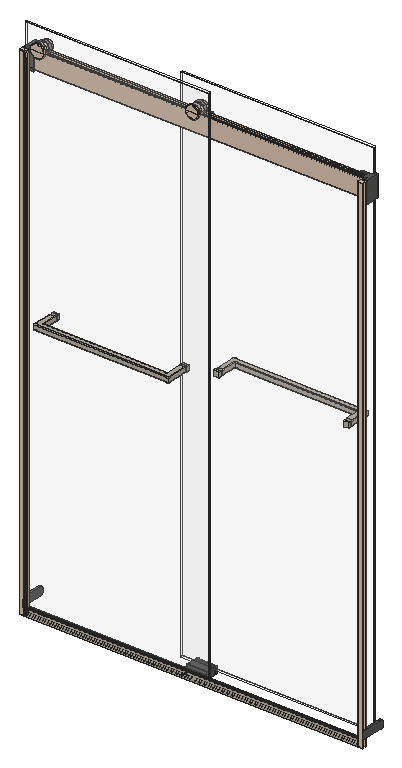
Revit family "Shower-Shower_Door-KOHLER-Levity-K-706016.rfa_", category Specialty Equipment, host Face, Revit 2021
Family settings
  Host = Face
  Round Connector Dimension = Use Diameter
  Part Type = Normal
  OmniClass Number = 23.31.17.17
  OmniClass Title = Shower Enclosures
  Cut with Voids When Loaded = No
  Shared = No
  Room Calculation Point = No
Parameters (values of type "ABV-Anodized Brushed Bronze")
  Width [instance] = Walk Thru + 26.53543"  # 47.59793"
  WaterSense Certified = 1 = 0  # no
  Walk Thru [instance] = 21 1/16"
  URL = "https://www.us.kohler.com/us/"
  Type = 1
  Towel Bar Finish = Kohler-Metal-BV-Brushed_Bronze
  Secondary Finish = Kohler-Plastic-BV-Brushed_Bronze
  Product Page URL = "http://www.us.kohler.com/us/catalog/productDetails.jsp?productNumber=706016-L"
  Product Name = "Levity"  # constant formula
  Product Documentation Link = "https://www.us.kohler.com/webassets/kpna/catalog/pdf/en/K-706016-L_spec_US-CA_Kohler_en.pdf"
  Model = if(Type = 1, "K-706016-L-ABV", if(Type = 2, "K-706016-L-NX", if(Type = 3, "K-706016-L-SHP", if(Type = 4, "K-706016-L-SH", "NA"))))  # "K-706016-L-ABV"
  Material = "Premium Metal Construction"  # constant formula
  Master Format 2014 Name = "Shower Doors"  # constant formula
  Master Format 2014 = "10 28 19.16"  # constant formula
  Manufacturer Address = "444 Highland Dr, Kohler, WI 53044"  # constant formula
  Manufacturer = "Kohler Co."  # constant formula
  Length = 7.74803"  # constant formula
  Height = 73.58268"  # constant formula
  Hardware Included = 1 = 1  # yes
  Finish = Kohler-Metal-ABV-Anodized_Brushed_Bronze
  Environmental Product Declaration = ""
  Description = "Sliding Shower Door, 74 Inch H x 44-5/8 - 47-5/8 Inch W, With 3/8 Inch Thick Crystal Clear Glass And Square Towel Bar"  # constant formula
  Default Elevation = 4"
  Declare Label = ""
  Date Modified = "07/13/2023"  # constant formula
  Date Created = "07/13/2023"  # constant formula
  Copyright = "Copyright Kohler Co."  # constant formula
  Contact Us = "https://www.us.kohler.com/us/static/contact.jsp"
  Assembly Code = "C1030200"
  ADA Compliant = 1 = 0  # no
Reference planes (in)
  plane 1 "Center (Front/Back)": y = -0.09259
  plane 2: z = 0
  plane 3 "Center (Left/Right)": x = 0
  plane 4: x = 21.0625
  plane 5: x = 21.79648
  plane 6: x = -25.80145
  plane 7: z = 70.77724
  plane 8: z = 70.11811
  plane 9: z = 73.58268
  plane 10: x = 19.47863
  plane 11: x = 17.72863
  plane 12: x = 18.10363
  plane 13: x = 21.47284
  plane 14: y = 2.55176
  plane 15: y = 4.6845
  plane 16: y = -3.06354
  plane 17: x = -2.00001
  plane 18: x = -0.27137
  plane 19: x = -0.64637
  plane 20: x = -2.02137
  plane 21: x = -23.50005
  plane 22: x = -25.33663
  plane 23: x = -21.75
  plane 24: x = -22.125
  plane 25: x = -3.375
  plane 26: z = 68.64299
  plane 27: z = 67.55906
  plane 28: z = 38.34646
  plane 29: z = 37.97244
  plane 30: z = 37.59843
  plane 31: y = 0.09791
  plane 32: y = -0.28309
  plane 33: x = -5.43896
  plane 34: z = 1.04196
  plane 35: y = 1.90776
  plane 36: y = 1.52676
Dimensions and locks (in)
  "Walk Thru": plane 4 to plane 3 "Center (Left/Right)"
  "Width": plane 6 to plane 5
  locked: plane 5 to plane 4 at 0.73398
  locked: plane 10 to plane 5 at 2.31785
  locked: plane 12 to plane 5 at 3.69285
  locked: plane 13 to plane 5 at 0.32364
  locked: plane 19 to plane 12 at 18.75
  locked: plane 18 to plane 11 at 18
  locked: plane 11 to plane 12 at 0.375
  locked: plane 20 to plane 19 at 1.375
  locked: plane 30 to level at 37.59843
  plane 28 to plane 30 = 0.74803"
  "Height": plane 9 to level
  plane 8 to plane 27 to level = 2.55906", 67.55906"
  "Length": plane 16 to plane 15
  locked: plane 33 to plane 13 at 26.9118
  plane 31 to plane 32 = 0.381"
  plane 34 to level = 1.04196"
  plane 27 to plane 34 = 66.5171"
  aligned and locked: plane 2 to host face
  aligned and locked: level to host face
  aligned and locked: plane 3 "Center (Left/Right)" to nested 1
  aligned and locked: plane 4 to nested 1
  aligned and locked: nested 1 to plane 1 "Center (Front/Back)"
Automatic sketch dimensions
  host sketch curve to host sketch curve = 96"  (x2)
Nested families (in)
  nested 1: "K-706016" at (0, 0, 0), type "K-706016"
Definition of nested family "K-706016"
  Parameters (values of type "K-706016")
    Width = Walk Thru + 26.53543"  # 47.59843"
    Walk Thru = 21.06299"
    Towel Bar Finish = none
    Secondary Finish = none
    Material = none
    Default Elevation = 0"
  Reference planes (in)
    plane 1 "Center (Front/Back)": y = 0
    plane 2: z = 0
    plane 3 "Center (Left/Right)": x = 0
    plane 4: y = 4.39344
    plane 5 "X": y = -2.73254
    plane 6: x = 21.06299
    plane 7: x = 21.79698
    plane 8: x = -25.80145
    plane 9: z = 37.59843
    plane 10: z = 38.34646
    plane 11 "A": z = 37.97244
    plane 12: z = 73.58268
    plane 13: z = 67.55906
    plane 14: z = 70.11811
    plane 15 "B": z = 70.77724
    plane 16 "Slider1": x = -23.50005
    plane 17 "Slider2": x = -2.00001
    plane 18 "Slider3": x = -2.02087
    plane 19 "Slider4": x = 19.47913
    plane 20: x = -21.75
    plane 21: x = -3.75
    plane 22: x = -22.125
    plane 23: x = -3.375
    plane 24: x = -0.27087
    plane 25: x = 17.72913
    plane 26: x = 18.10413
    plane 27: x = -0.64587
    plane 28: x = 21.47333
    plane 29: z = 68.64299
    plane 30: y = 2.55176
    plane 31: y = 1.64808
    plane 32: x = -25.33663
    plane 33: y = 4.6845
    plane 34: x = -5.43847
    plane 35: y = -3.06193
    plane 36: y = -0.09259
  Forms (in)
    Extrusion 1, solid, material <- "Material", detail levels medium+fine
      sketch origin (0, 0, 0) x (1, 0, 0) y (0, 1, 0)
        loop
          arc (-25.78674, -0.82398) -> (-25.80107, -0.83538) -> (-25.79319, -0.85191) r 0.01471
          line (-25.79319, -0.85191) -> (-25.73727, -0.87918) -> (-25.5995, -0.87918) -> (-25.53709, -0.84874) -> (-25.47251, -0.87885) -> (-25.33663, -0.87885) -> (-25.28159, -0.85201)
          arc (-25.28159, -0.85201) -> (-25.27368, -0.83542) -> (-25.28806, -0.82398) r 0.01476
          line (-25.28806, -0.82398) -> (-25.47262, -0.82398) -> (-25.47262, -0.43613)
          arc (-25.47262, -0.43613) -> (-25.46606, -0.42029) -> (-25.45023, -0.41374) r 0.02239
          line (-25.45023, -0.41374) -> (-25.28793, -0.41374)
          arc (-25.28793, -0.41374) -> (-25.27318, -0.4019) -> (-25.28155, -0.38494) r 0.0151
          line (-25.28155, -0.38494) -> (-25.33777, -0.35872) -> (-25.47324, -0.35872) -> (-25.53659, -0.38827) -> (-25.59995, -0.35872) -> (-25.73549, -0.35872) -> (-25.79348, -0.38701)
          arc (-25.79348, -0.38701) -> (-25.80103, -0.40283) -> (-25.78731, -0.41374) r 0.01407
          line (-25.78731, -0.41374) -> (-25.62155, -0.41374)
          arc (-25.62155, -0.41374) -> (-25.60582, -0.42026) -> (-25.5993, -0.43599) r 0.02226
          line (-25.5993, -0.43599) -> (-25.5993, -0.80387)
          arc (-25.5993, -0.80387) -> (-25.60519, -0.81809) -> (-25.6194, -0.82398) r 0.02011
          line (-25.6194, -0.82398) -> (-25.78674, -0.82398)
        loop
          line (-25.75456, -0.91995) -> (-25.15475, -0.93567)
          arc (-25.15475, -0.93567) -> (-25.08035, -0.90655) -> (-25.04929, -0.83293) r 0.10277
          line (-25.04929, -0.83293) -> (-25.04929, -0.41159)
          arc (-25.04929, -0.41159) -> (-25.08147, -0.33509) -> (-25.15866, -0.30462) r 0.10699
          line (-25.15866, -0.30462) -> (-25.73499, -0.31745)
          arc (-25.73499, -0.31745) -> (-25.75196, -0.33442) -> (-25.73499, -0.35139) r 0.01697
          line (-25.73499, -0.35139) -> (-25.17047, -0.35139)
          arc (-25.17047, -0.35139) -> (-25.12353, -0.37083) -> (-25.10408, -0.41777) r 0.06638
          line (-25.10408, -0.41777) -> (-25.10408, -0.83488)
          arc (-25.10408, -0.83488) -> (-25.12012, -0.87359) -> (-25.15883, -0.88963) r 0.05475
          line (-25.15883, -0.88963) -> (-25.73977, -0.88963)
          arc (-25.73977, -0.88963) -> (-25.75664, -0.90017) -> (-25.75456, -0.91995) r 0.01877
      from 0.07617 to 70.24087
    Extrusion 2, solid, material <- "Material", detail levels medium+fine
      sketch origin (0, 0, 0) x (1, 0, 0) y (0, 1, 0)
        loop
          line (-25.15866, -0.30462) -> (-25.76257, -0.31807)
          arc (-25.76257, -0.31807) -> (-25.78985, -0.32991) -> (-25.80107, -0.35744) r 0.03938
          line (-25.80107, -0.35744) -> (-25.80107, -0.88038)
          arc (-25.80107, -0.88038) -> (-25.7899, -0.90785) -> (-25.76273, -0.91974) r 0.03937
          line (-25.76273, -0.91974) -> (-25.15475, -0.93567)
          arc (-25.15475, -0.93567) -> (-25.08035, -0.90655) -> (-25.04929, -0.83293) r 0.10277
          line (-25.04929, -0.83293) -> (-25.04929, -0.41159)
          arc (-25.04929, -0.41159) -> (-25.08147, -0.33509) -> (-25.15866, -0.30462) r 0.10699
      from 70.24087 to 70.33924
    Extrusion 3, solid, material <- "Secondary Finish", detail levels medium+fine
      sketch origin (0, 0, 0) x (0, 1, 0) y (0, 0, 1)
        loop
          line (-0.13441, 0) -> (-0.13441, 0.05481)
          arc (-0.13441, 0.05481) -> (-0.14066, 0.06991) -> (-0.15576, 0.07617) r 0.02136
          line (-0.15576, 0.07617) -> (-0.47874, 0.07617)
          arc (-0.47874, 0.07617) -> (-0.58637, 0.12075) -> (-0.63096, 0.22838) r 0.15221
          line (-0.63096, 0.22838) -> (-0.63096, 0.3288)
          arc (-0.63096, 0.3288) -> (-0.5739, 0.38253) -> (-0.5237, 0.32235) r 0.05382
          arc (-0.5237, 0.32235) -> (-0.52004, 0.29705) -> (-0.50415, 0.27702) r 0.04907
          arc (-0.50415, 0.27702) -> (-0.47058, 0.27381) -> (-0.45199, 0.30194) r 0.03273
          line (-0.45199, 0.30194) -> (-0.42794, 0.86299)
          arc (-0.42794, 0.86299) -> (-0.43585, 0.88398) -> (-0.45648, 0.89278) r 0.02857
          line (-0.45648, 0.89278) -> (-0.5898, 0.89278)
          arc (-0.5898, 0.89278) -> (-0.63281, 0.93579) -> (-0.5898, 0.9788) r 0.04301
          line (-0.5898, 0.9788) -> (-0.44417, 0.9788)
          arc (-0.44417, 0.9788) -> (-0.42928, 0.98587) -> (-0.42534, 1.00187) r 0.01922
          arc (-0.42534, 1.00187) -> (-0.44277, 1.03067) -> (-0.47447, 1.04196) r 0.05015
          line (-0.47447, 1.04196) -> (-0.77654, 1.04196)
          arc (-0.77654, 1.04196) -> (-0.81253, 1.02705) -> (-0.82744, 0.99106) r 0.0509
          line (-0.82744, 0.99106) -> (-0.82744, 0) -> (-0.76073, 0)
          arc (-0.76073, 0) -> (-0.74384, 0.01051) -> (-0.74582, 0.03031) r 0.01882
          arc (-0.74582, 0.03031) -> (-0.75671, 0.04156) -> (-0.76984, 0.05008) r 0.06947
          arc (-0.76984, 0.05008) -> (-0.78388, 0.07014) -> (-0.77471, 0.09283) r 0.02565
          arc (-0.77471, 0.09283) -> (-0.71896, 0.08148) -> (-0.66545, 0.06217) r 0.39209
          arc (-0.66545, 0.06217) -> (-0.64763, 0.07545) -> (-0.63153, 0.09076) r 0.18512
          arc (-0.63153, 0.09076) -> (-0.61335, 0.07477) -> (-0.59345, 0.06098) r 0.20858
          arc (-0.59345, 0.06098) -> (-0.58385, 0.04709) -> (-0.58774, 0.03065) r 0.02077
          arc (-0.58774, 0.03065) -> (-0.58907, 0.01049) -> (-0.57179, 0) r 0.01948
          line (-0.57179, 0) -> (-0.13441, 0)
        loop
          line (-0.77406, 0.9937) -> (-0.77406, 0.16579)
          arc (-0.77406, 0.16579) -> (-0.76831, 0.15) -> (-0.75377, 0.1416) r 0.02457
          arc (-0.75377, 0.1416) -> (-0.72958, 0.13678) -> (-0.70561, 0.13094) r 0.5764
          arc (-0.70561, 0.13094) -> (-0.68856, 0.13434) -> (-0.68087, 0.14995) r 0.01967
          line (-0.68087, 0.14995) -> (-0.68087, 0.32862)
          arc (-0.68087, 0.32862) -> (-0.62775, 0.41912) -> (-0.52284, 0.41686) r 0.10365
          arc (-0.52284, 0.41686) -> (-0.50464, 0.41627) -> (-0.49492, 0.43167) r 0.01832
          line (-0.49492, 0.43167) -> (-0.47866, 0.81088)
          arc (-0.47866, 0.81088) -> (-0.48763, 0.83547) -> (-0.51136, 0.84651) r 0.03419
          line (-0.51136, 0.84651) -> (-0.60022, 0.85032)
          arc (-0.60022, 0.85032) -> (-0.66959, 0.88834) -> (-0.6816, 0.96653) r 0.08936
          arc (-0.6816, 0.96653) -> (-0.68467, 0.98516) -> (-0.70151, 0.9937) r 0.02088
          line (-0.70151, 0.9937) -> (-0.77406, 0.9937)
      from -25.33663 to 21.47333
    Extrusion 4, solid
      sketch origin (0, 0, 0) x (1, 0, 0) y (0, 1, 0)
        loop
          line (-25.80145, 1.76235) -> (-25.80145, -0.35745)
          arc (-25.80145, -0.35745) -> (-25.79022, -0.32992) -> (-25.76295, -0.31808) r 0.03938
          line (-25.76295, -0.31808) -> (-25.51459, -0.31255)
          arc (-25.51459, -0.31255) -> (-25.4909, -0.30227) -> (-25.48116, -0.27836) r 0.0342
          line (-25.48116, -0.27836) -> (-25.48116, 0.23528)
          arc (-25.48116, 0.23528) -> (-25.47393, 0.25294) -> (-25.4564, 0.26047) r 0.0252
          line (-25.4564, 0.26047) -> (-24.83572, 0.2713)
          arc (-24.83572, 0.2713) -> (-24.81818, 0.27884) -> (-24.81096, 0.2965) r 0.0252
          line (-24.81096, 0.2965) -> (-24.81096, 1.37202)
          arc (-24.81096, 1.37202) -> (-24.81819, 1.3897) -> (-24.83574, 1.39724) r 0.02522
          line (-24.83574, 1.39724) -> (-25.45984, 1.40813)
          arc (-25.45984, 1.40813) -> (-25.47449, 1.41442) -> (-25.48053, 1.42918) r 0.02106
          line (-25.48053, 1.42918) -> (-25.48053, 1.75823)
          arc (-25.48053, 1.75823) -> (-25.48644, 1.77271) -> (-25.5008, 1.77892) r 0.02069
          line (-25.5008, 1.77892) -> (-25.77929, 1.78451)
          arc (-25.77929, 1.78451) -> (-25.79496, 1.77802) -> (-25.80145, 1.76235) r 0.02216
      from 67.3383 to 70.33924
    Extrusion 5, solid
      sketch origin (0, 0, 0) x (0, 1, 0) y (0, 0, 1)
        loop
          line (-0.8798, 2.13092) -> (-0.8798, 1.05703) -> (2.30176, 1.05703)
          arc (2.30176, 1.05703) -> (2.47854, 1.13025) -> (2.55176, 1.30703) r 0.25
          line (2.55176, 1.30703) -> (2.55176, 1.88106)
          arc (2.55176, 1.88106) -> (2.47858, 2.05774) -> (2.3019, 2.13092) r 0.24987
          line (2.3019, 2.13092) -> (-0.8798, 2.13092)
      from -25.80145 to -25.45062
    Extrusion 6, solid
      sketch origin (0, 0, 0) x (1, 0, 0) y (0, 1, 0)
        loop
          line (-25.45208, 0.09791) -> (-25.51208, 0.03791) -> (-25.51208, -0.22309) -> (-25.45208, -0.28309) -> (-0.07208, -0.28309) -> (-0.01208, -0.22309) -> (-0.01208, 0.03791) -> (-0.07208, 0.09791) -> (-25.45208, 0.09791)
      from 0.75308 to 73.58268
    Revolve 7, solid, material <- "Material"
      sketch origin (0, 0, 70.77724) x (0, -1, 0) y (1, 0, 0)
        loop
          line (0.78398, -23.50005) -> (-1.13416, -23.50005) -> (-1.13416, -24.14768)
          arc (-1.13416, -24.14768) -> (-1.1312, -24.16327) -> (-1.12273, -24.1767) r 0.04256
          line (-1.12273, -24.1767) -> (-1.09186, -24.20981) -> (-0.80927, -24.20981) -> (-0.80927, -24.24436)
          arc (-0.80927, -24.24436) -> (-0.6214, -24.31401) -> (-0.43352, -24.24436) r 0.28822
          line (-0.43352, -24.24436) -> (-0.43352, -24.04752) -> (-0.30805, -24.04752) -> (-0.30805, -24.2109) -> (-0.09791, -24.2109) -> (-0.09791, -23.59314) -> (0.28309, -23.59314) -> (0.28309, -24.15917) -> (0.57677, -24.15917) -> (0.57677, -24.39603) -> (0.61645, -24.43572) -> (0.74244, -24.43572) -> (0.78398, -24.39419) -> (0.78398, -23.50005)
        axis (-1.13416, -23.50005) -> (0.78398, -23.50005)
      angle from 0 to 360
    Revolve 8, solid, material <- "Material"
      sketch origin (0, 0, 70.77724) x (0, -1, 0) y (1, 0, 0)
        loop
          line (0.78398, -2.00001) -> (-1.13416, -2.00001) -> (-1.13416, -2.64763)
          arc (-1.13416, -2.64763) -> (-1.1312, -2.66323) -> (-1.12273, -2.67666) r 0.04256
          line (-1.12273, -2.67666) -> (-1.09186, -2.70976) -> (-0.80927, -2.70976) -> (-0.80927, -2.74431)
          arc (-0.80927, -2.74431) -> (-0.6214, -2.81396) -> (-0.43352, -2.74431) r 0.28822
          line (-0.43352, -2.74431) -> (-0.43352, -2.54747) -> (-0.30805, -2.54747) -> (-0.30805, -2.71085) -> (-0.09791, -2.71085) -> (-0.09791, -2.09309) -> (0.28309, -2.09309) -> (0.28309, -2.63676) -> (0.57677, -2.63676) -> (0.57677, -2.8683) -> (0.61645, -2.90799) -> (0.74244, -2.90799) -> (0.78398, -2.86645) -> (0.78398, -2.00001)
        axis (-1.13416, -2.00001) -> (0.78398, -2.00001)
      angle from 0 to 360
    Extrusion 9, solid, material <- "Material", detail levels medium+fine
      sketch origin (0, 0, 0) x (0, 1, 0) y (0, 0, 1)
        loop
          arc (1.15055, 69.80225) -> (1.16669, 69.81021) -> (1.17322, 69.82699) r 0.02483
          line (1.17322, 69.82699) -> (1.17322, 69.88292)
          arc (1.17322, 69.88292) -> (1.16617, 69.89893) -> (1.1496, 69.90455) r 0.02172
          line (1.1496, 69.90455) -> (1.0358, 69.8946)
          arc (1.0358, 69.8946) -> (1.01575, 69.9056) -> (1.03033, 69.92322) r 0.01484
          line (1.03033, 69.92322) -> (1.13323, 69.92322)
          arc (1.13323, 69.92322) -> (1.16537, 69.95537) -> (1.13323, 69.98751) r 0.03214
          line (1.13323, 69.98751) -> (1.08869, 69.98362)
          arc (1.08869, 69.98362) -> (1.07199, 69.98928) -> (1.06489, 70.00543) r 0.02189
          line (1.06489, 70.00543) -> (1.06489, 70.04326)
          arc (1.06489, 70.04326) -> (1.07211, 70.06067) -> (1.08952, 70.06789) r 0.02463
          line (1.08952, 70.06789) -> (1.23025, 70.06789) -> (1.23025, 69.73906)
          arc (1.23025, 69.73906) -> (1.22381, 69.72352) -> (1.20827, 69.71709) r 0.02198
          line (1.20827, 69.71709) -> (0.87454, 69.71709)
          arc (0.87454, 69.71709) -> (0.85546, 69.78562) -> (0.79089, 69.81548) r 0.08476
          line (0.79089, 69.81548) -> (0.67615, 69.81548) -> (0.67615, 69.87464) -> (0.82458, 69.94386) -> (0.82458, 69.99006)
          arc (0.82458, 69.99006) -> (0.81661, 70.00459) -> (0.80007, 70.00567) r 0.01723
          line (0.80007, 70.00567) -> (0.65269, 69.93695)
          arc (0.65269, 69.93695) -> (0.62248, 69.93025) -> (0.59226, 69.93695) r 0.07149
          line (0.59226, 69.93695) -> (0.4401, 70.0079)
          arc (0.4401, 70.0079) -> (0.42551, 70.02069) -> (0.42008, 70.03932) r 0.03466
          line (0.42008, 70.03932) -> (0.42008, 70.11811) -> (0.37343, 70.11811)
          arc (0.37343, 70.11811) -> (0.35956, 70.11236) -> (0.35381, 70.09848) r 0.01963
          line (0.35381, 70.09848) -> (0.35381, 67.5833)
          arc (0.35381, 67.5833) -> (0.36091, 67.56616) -> (0.37805, 67.55906) r 0.02424
          line (0.37805, 67.55906) -> (1.251, 67.55906)
          arc (1.251, 67.55906) -> (1.2811, 67.57152) -> (1.29356, 67.60162) r 0.04256
          line (1.29356, 67.60162) -> (1.29356, 67.87867)
          arc (1.29356, 67.87867) -> (1.27515, 67.93001) -> (1.22831, 67.95795) r 0.08078
          line (1.22831, 67.95795) -> (1.22831, 67.88435) -> (1.02235, 67.78831) -> (0.84588, 67.87438)
          arc (0.84588, 67.87438) -> (0.83002, 67.87354) -> (0.82232, 67.85965) r 0.01638
          line (0.82232, 67.85965) -> (0.82232, 67.81014) -> (0.99109, 67.73144) -> (0.99109, 67.65794) -> (0.71507, 67.65794)
          arc (0.71507, 67.65794) -> (0.67042, 67.67644) -> (0.65192, 67.7211) r 0.06315
          line (0.65192, 67.7211) -> (0.65192, 69.71709) -> (0.75004, 69.71709) -> (0.75004, 69.62468) -> (1.29674, 69.62468) -> (1.29674, 70.09021) -> (0.96129, 70.09021) -> (0.96129, 69.78569) -> (1.15055, 69.80225)
        loop
          line (0.57579, 69.85604) -> (0.46457, 69.9079)
          arc (0.46457, 69.9079) -> (0.44361, 69.90653) -> (0.43351, 69.88812) r 0.02183
          line (0.43351, 69.88812) -> (0.43351, 67.63861) -> (0.57579, 67.63861) -> (0.57579, 69.85604)
      from -25.46604 to 21.47333
    Extrusion 10, solid
      sketch origin (0, 0, 0) x (0, 1, 0) y (0, 0, 1)
        loop
          line (2.17082, 0) -> (2.1163, 1.04035)
          arc (2.1163, 1.04035) -> (2.10808, 1.05817) -> (2.08985, 1.06544) r 0.02648
          line (2.08985, 1.06544) -> (1.96474, 1.06544)
          arc (1.96474, 1.06544) -> (1.94625, 1.05788) -> (1.93836, 1.03952) r 0.02638
          line (1.93836, 1.03952) -> (1.92407, 0.22045)
          arc (1.92407, 0.22045) -> (1.89958, 0.16347) -> (1.84218, 0.13999) r 0.0819
          line (1.84218, 0.13999) -> (1.64792, 0.13999)
          arc (1.64792, 0.13999) -> (1.58995, 0.16312) -> (1.56381, 0.2198) r 0.08422
          line (1.56381, 0.2198) -> (1.52135, 1.03007)
          arc (1.52135, 1.03007) -> (1.5148, 1.04427) -> (1.50028, 1.05006) r 0.02109
          line (1.50028, 1.05006) -> (1.45116, 1.05006)
          arc (1.45116, 1.05006) -> (1.43925, 1.06054) -> (1.42385, 1.06432) r 0.03329
          line (1.42385, 1.06432) -> (0.48443, 1.06432)
          arc (0.48443, 1.06432) -> (0.46507, 1.06095) -> (0.44798, 1.05125) r 0.05738
          line (0.44798, 1.05125) -> (0.39771, 1.05125) -> (0.35395, 0.21622)
          arc (0.35395, 0.21622) -> (0.32859, 0.16122) -> (0.27234, 0.13878) r 0.08172
          line (0.27234, 0.13878) -> (0.08207, 0.13878)
          arc (0.08207, 0.13878) -> (0.01918, 0.16451) -> (-0.00764, 0.22694) r 0.08973
          line (-0.00764, 0.22694) -> (-0.01881, 0.86675)
          arc (-0.01881, 0.86675) -> (-0.02537, 0.88201) -> (-0.04074, 0.8883) r 0.02193
          line (-0.04074, 0.8883) -> (-0.38924, 0.8883)
          arc (-0.38924, 0.8883) -> (-0.41335, 0.87838) -> (-0.42351, 0.85437) r 0.03427
          line (-0.42351, 0.85437) -> (-0.42921, 0.29611)
          arc (-0.42921, 0.29611) -> (-0.483, 0.26827) -> (-0.52285, 0.31388) r 0.04907
          arc (-0.52285, 0.31388) -> (-0.54977, 0.34014) -> (-0.57812, 0.31543) r 0.02774
          arc (-0.57812, 0.31543) -> (-0.5531, 0.20759) -> (-0.45329, 0.15967) r 0.1279
          line (-0.45329, 0.15967) -> (-0.14457, 0.15967)
          arc (-0.14457, 0.15967) -> (-0.12207, 0.15035) -> (-0.11275, 0.12785) r 0.03183
          line (-0.11275, 0.12785) -> (-0.11275, 0.0926)
          arc (-0.11275, 0.0926) -> (-0.09962, 0.05756) -> (-0.06671, 0.03976) r 0.05334
          arc (-0.06671, 0.03976) -> (0.22153, 0.00995) -> (0.51113, 0) r 4.2189
          line (0.51113, 0) -> (2.17082, 0)
      from -3.638 to -0.86129
    Revolve 11, solid, material <- "Material"
      sketch origin (-2.02087, 0, 0) x (0, 0, 1) y (0, -1, 0)
        loop
          line (68.64299, -2.40867) -> (69.53713, -2.40867) -> (69.57866, -2.36714) -> (69.57866, -2.24115) -> (69.53898, -2.20146) -> (69.30211, -2.20146) -> (69.30211, -1.90776) -> (68.73608, -1.90776) -> (68.73608, -1.52676) -> (69.35384, -1.52676) -> (69.35384, -1.33617) -> (69.19046, -1.33617) -> (69.19046, -1.21071) -> (69.3873, -1.21071)
          arc (69.3873, -1.21071) -> (69.45695, -1.02283) -> (69.3873, -0.83496) r 0.28822
          line (69.3873, -0.83496) -> (69.35275, -0.83496) -> (69.35275, -0.55237) -> (69.31964, -0.5215)
          arc (69.31964, -0.5215) -> (69.30622, -0.51303) -> (69.29062, -0.51007) r 0.04256
          line (69.29062, -0.51007) -> (68.64299, -0.51007) -> (68.64299, -2.40867)
        axis (68.64299, -0.51007) -> (68.64299, -2.40867)
      angle from 0 to 360
    Revolve 12, solid, material <- "Material"
      sketch origin (19.47913, 0, 0) x (0, 0, -1) y (0, -1, 0)
        loop
          line (-68.64299, -2.40867) -> (-68.64299, -0.51007) -> (-69.29062, -0.51007)
          arc (-69.29062, -0.51007) -> (-69.30622, -0.51303) -> (-69.31964, -0.5215) r 0.04256
          line (-69.31964, -0.5215) -> (-69.35275, -0.55237) -> (-69.35275, -0.83496) -> (-69.3873, -0.83496)
          arc (-69.3873, -0.83496) -> (-69.45695, -1.02283) -> (-69.3873, -1.21071) r 0.28822
          line (-69.3873, -1.21071) -> (-69.19046, -1.21071) -> (-69.19046, -1.33617) -> (-69.35384, -1.33617) -> (-69.35384, -1.52676) -> (-68.73608, -1.52676) -> (-68.73608, -1.90776) -> (-69.30211, -1.90776) -> (-69.30211, -2.20146) -> (-69.53898, -2.20146) -> (-69.57866, -2.24115) -> (-69.57866, -2.36714) -> (-69.53713, -2.40867) -> (-68.64299, -2.40867)
        axis (-68.64299, -0.51007) -> (-68.64299, -2.40867)
      angle from 0 to 360
    Extrusion 13, solid
      sketch origin (0, 0, 70.77724) x (0, -1, 0) y (1, 0, 0)
        loop
          line (-1.90776, -5.37847) -> (-1.84776, -5.43847) -> (-1.58676, -5.43847) -> (-1.52676, -5.37847) -> (-1.52676, 21.37949) -> (-1.58676, 21.43949) -> (-1.84776, 21.43949) -> (-1.90776, 21.37949) -> (-1.90776, -5.37847)
      from -70.02416 to 2.80543
    Extrusion 14, solid, material <- "Material"
      sketch origin (0, 0, 37.97244) x (-1, 0, 0) y (0, -1, 0)
        loop
          line (-21.06299, 0.3894) -> (-21.06299, 0.84243)
          arc (-21.06299, 0.84243) -> (-21.08928, 0.9059) -> (-21.15276, 0.93219) r 0.08976
          line (-21.15276, 0.93219) -> (-21.79698, 0.93219) -> (-21.79698, 0.85345) -> (-21.12769, 0.85345) -> (-21.12769, 0.37824) -> (-21.79698, 0.37824) -> (-21.79698, 0.2995) -> (-21.1529, 0.2995)
          arc (-21.1529, 0.2995) -> (-21.08932, 0.32583) -> (-21.06299, 0.3894) r 0.08991
      from -37.89627 to 32.27141
    Extrusion 15, solid, material <- "Material"
      sketch origin (0, 0, 37.97244) x (-1, 0, 0) y (0, -1, 0)
        loop
          line (-21.79698, 0.2995) -> (-21.1529, 0.2995)
          arc (-21.1529, 0.2995) -> (-21.08932, 0.32583) -> (-21.06299, 0.3894) r 0.08991
          line (-21.06299, 0.3894) -> (-21.06299, 0.84243)
          arc (-21.06299, 0.84243) -> (-21.08928, 0.9059) -> (-21.15276, 0.93219) r 0.08976
          line (-21.15276, 0.93219) -> (-21.79698, 0.93219) -> (-21.79698, 0.2995)
      from 32.35823 to 32.27141
    Extrusion 16, solid
      sketch origin (0, 0, 37.97244) x (-1, 0, 0) y (0, -1, 0)
        loop
          arc (-21.79698, -1.74873) -> (-21.78842, -1.76919) -> (-21.76786, -1.77747) r 0.02874
          line (-21.76786, -1.77747) -> (-21.45812, -1.77343)
          arc (-21.45812, -1.77343) -> (-21.43804, -1.76488) -> (-21.42976, -1.74469) r 0.02874
          line (-21.42976, -1.74469) -> (-21.42976, -1.44717)
          arc (-21.42976, -1.44717) -> (-21.41647, -1.41468) -> (-21.38422, -1.40083) r 0.04635
          line (-21.38422, -1.40083) -> (-20.81523, -1.39089)
          arc (-20.81523, -1.39089) -> (-20.80025, -1.38446) -> (-20.79407, -1.36936) r 0.02153
          line (-20.79407, -1.36936) -> (-20.79407, -0.29269)
          arc (-20.79407, -0.29269) -> (-20.80232, -0.27255) -> (-20.82231, -0.26396) r 0.02874
          line (-20.82231, -0.26396) -> (-21.43492, -0.25326)
          arc (-21.43492, -0.25326) -> (-21.45492, -0.24467) -> (-21.46316, -0.22453) r 0.02874
          line (-21.46316, -0.22453) -> (-21.46316, 0.24014)
          arc (-21.46316, 0.24014) -> (-21.47158, 0.26046) -> (-21.4919, 0.26888) r 0.02874
          line (-21.4919, 0.26888) -> (-21.76839, 0.26888)
          arc (-21.76839, 0.26888) -> (-21.7886, 0.2605) -> (-21.79698, 0.24029) r 0.02858
          line (-21.79698, 0.24029) -> (-21.79698, -1.74873)
      from 29.37389 to 32.35823
    Extrusion 17, solid
      sketch origin (0, 0, 0) x (0, 1, 0) y (0, 0, 1)
        loop
          line (-0.8798, 2.13092) -> (-0.8798, 1.05703) -> (2.30176, 1.05703)
          arc (2.30176, 1.05703) -> (2.47854, 1.13025) -> (2.55176, 1.30703) r 0.25
          line (2.55176, 1.30703) -> (2.55176, 1.88106)
          arc (2.55176, 1.88106) -> (2.47858, 2.05774) -> (2.3019, 2.13092) r 0.24987
          line (2.3019, 2.13092) -> (-0.8798, 2.13092)
      from 21.47333 to 21.79698
    Extrusion 18, solid, material <- "Material", detail levels coarse
      sketch origin (0, 0, 37.97244) x (-1, 0, 0) y (0, -1, 0)
        loop
          line (25.04967, 0.29537) -> (25.80145, 0.29537) -> (25.80145, 0.92857) -> (25.04967, 0.92857) -> (25.04967, 0.29537)
      from -37.89627 to 32.3668
    Extrusion 19, solid, material <- "Secondary Finish", detail levels coarse
      sketch origin (-2.02087, 0, 0) x (0, 0, 1) y (0, -1, 0)
        loop
          line (1.04196, 0.42794) -> (1.04196, 0.82744) -> (0, 0.82744) -> (0, 0.13441) -> (0.07617, 0.13441) -> (0.07617, 0.42794) -> (1.04196, 0.42794)
      from -23.31575 to 23.49421
    Extrusion 20, solid, material <- "Material", detail levels coarse
      sketch origin (-2.02087, 0, 0) x (0, 0, 1) y (0, -1, 0)
        loop
          line (70.11811, -0.35381) -> (67.55906, -0.35381) -> (67.55906, -1.29674) -> (70.11811, -1.29674) -> (70.11811, -0.35381)
      from -23.31575 to 23.49421
    Sweep 21, solid, material <- "Towel Bar Finish"
      path origin (0, 0, 37.97244) x (-1, 0, 0) y (0, -1, 0)
        loop
          line (22.125, -0.35381) -> (22.125, 3.06193) -> (3.375, 3.06193) -> (3.375, -0.35381)
      profile origin (-22.125, -1.35406, 37.97244) x (1, 0, 0) y (0, 0, 1)
        loop
          line (0, 0.32402) -> (0, -0.32402)
          arc (0, -0.32402) -> (0.01464, -0.35937) -> (0.05, -0.37402) r 0.05
          line (0.05, -0.37402) -> (0.7, -0.37402)
          arc (0.7, -0.37402) -> (0.73536, -0.35937) -> (0.75, -0.32402) r 0.05
          line (0.75, -0.32402) -> (0.75, 0.32402)
          arc (0.75, 0.32402) -> (0.73536, 0.35937) -> (0.7, 0.37402) r 0.05
          line (0.7, 0.37402) -> (0.05, 0.37402)
          arc (0.05, 0.37402) -> (0.01464, 0.35937) -> (0, 0.32402) r 0.05
    Sweep 22, solid, material <- "Towel Bar Finish"
      path origin (0, 0, 37.97244) x (-1, 0, 0) y (0, -1, 0)
        loop
          line (0.64587, -1.29674) -> (0.64587, -4.6845) -> (-18.10413, -4.6845) -> (-18.10413, -1.29674)
      profile origin (-0.64587, 2.99062, 37.97244) x (-1, 0, 0) y (0, 0, 1)
        loop
          line (-0.75275, 0.32402) -> (-0.75275, -0.32402)
          arc (-0.75275, -0.32402) -> (-0.73811, -0.35937) -> (-0.70275, -0.37402) r 0.05
          line (-0.70275, -0.37402) -> (-0.05275, -0.37402)
          arc (-0.05275, -0.37402) -> (-0.0174, -0.35937) -> (-0.00275, -0.32402) r 0.05
          line (-0.00275, -0.32402) -> (-0.00275, 0.32402)
          arc (-0.00275, 0.32402) -> (-0.0174, 0.35937) -> (-0.05275, 0.37402) r 0.05
          line (-0.05275, 0.37402) -> (-0.70275, 0.37402)
          arc (-0.70275, 0.37402) -> (-0.73811, 0.35937) -> (-0.75275, 0.32402) r 0.05
    Extrusion 23, void
      sketch origin (0, 0, 37.97244) x (-1, 0, 0) y (0, -1, 0)
        loop
          line (22.52003, -0.09791) -> (22.52003, 0.28309) -> (3.06884, 0.28309) -> (3.06884, -0.09791) -> (22.52003, -0.09791)
      from -1.1779 to 1.15904
    Extrusion 24, void
      sketch origin (0, 0, 0) x (1, 0, 0) y (0, 1, 0)
        loop
          line (-3.75, 1.90776) -> (-3.75, 1.52676) -> (19.47913, 1.52676) -> (19.47913, 1.90776) -> (-3.75, 1.90776)
      from 37.10793 to 38.57849
  Cuts and joins
    joined: Extrusion 14, Extrusion 15
    Extrusion 23 cuts Sweep 21
    Extrusion 24 cuts Sweep 22
  Lines and regions (in)
    Masking region 1
      outline origin (0, -2.73254, 0) x (-1, 0, 0) y (0, 0, 1)
        loop
          line (0, 73.58268) -> (0, 1.04196) -> (25.04923, 1.04196) -> (25.04923, 0.07617) -> (25.80145, 0.07617) -> (25.80145, 70.33924) -> (25.50007, 70.33924) -> (25.50007, 73.58268) -> (0, 73.58268)
    Masking region 2
      outline origin (0, 0, 0) x (1, 0, 0) y (0, 0, 1)
        loop
          line (0, 73.58268) -> (0, 1.04196) -> (-25.04923, 1.04196) -> (-25.04923, 0.07617) -> (-25.33663, 0.07617) -> (-25.33663, 0) -> (21.47333, 0) -> (21.47333, 0.07617) -> (21.79698, 0.07617) -> (21.79698, 70.33067) -> (21.47333, 70.33067) -> (21.47333, 73.58268) -> (0, 73.58268)
    Masking region 3
      outline origin (-2.02087, 0, 0) x (0, 0, 1) y (0, -1, 0)
        loop
          line (73.58268, -1.90776) -> (73.58268, -1.53658) -> (70.33924, -1.53658) -> (70.33924, -1.13414) -> (71.42276, -1.13414)
          arc (71.42276, -1.13414) -> (71.44034, -1.1308) -> (71.45547, -1.12126) r 0.04795
          line (71.45547, -1.12126) -> (71.487, -1.09186) -> (71.487, -0.80927) -> (71.52155, -0.80927)
          arc (71.52155, -0.80927) -> (71.59042, -0.6214) -> (71.52155, -0.43352) r 0.29068
          line (71.52155, -0.43352) -> (71.32471, -0.43352) -> (71.32471, -0.30805) -> (71.48809, -0.30805) -> (71.48809, -0.10773) -> (73.58268, -0.10773) -> (73.58268, 0.28309) -> (71.43636, 0.28309) -> (71.43636, 0.58889) -> (71.67322, 0.58889) -> (71.71292, 0.62859) -> (71.71292, 0.75456) -> (71.68351, 0.78398) -> (70.33924, 0.78398) -> (70.33924, 0.9357) -> (38.34646, 0.9357) -> (38.34646, 3.00013)
          arc (38.34646, 3.00013) -> (38.33299, 3.04335) -> (38.29171, 3.06193) r 0.05515
          line (38.29171, 3.06193) -> (37.64807, 3.06193)
          arc (37.64807, 3.06193) -> (37.61297, 3.04739) -> (37.59843, 3.01229) r 0.04964
          line (37.59843, 3.01229) -> (37.59843, 0.9357) -> (0.07617, 0.9357) -> (0.07617, 0.82744) -> (0, 0.82744) -> (0, 0.76073)
          arc (0, 0.76073) -> (0.01051, 0.74384) -> (0.03031, 0.74582) r 0.01882
          arc (0.03031, 0.74582) -> (0.04156, 0.75671) -> (0.05008, 0.76984) r 0.06947
          arc (0.05008, 0.76984) -> (0.0609, 0.78099) -> (0.07617, 0.78385) r 0.02565
          arc (0.07617, 0.78385) -> (0.07426, 0.6882) -> (0.06098, 0.59345) r 0.80185
          arc (0.06098, 0.59345) -> (0.04709, 0.58385) -> (0.03065, 0.58774) r 0.02077
          arc (0.03065, 0.58774) -> (0.01049, 0.58907) -> (0, 0.57179) r 0.01948
          line (0, 0.57179) -> (0, 0.13441) -> (0.05481, 0.13441)
          arc (0.05481, 0.13441) -> (0.06991, 0.14066) -> (0.07617, 0.15576) r 0.02136
          line (0.07617, 0.15576) -> (0.07617, 0.2995) -> (0.15967, 0.2995) -> (0.15967, 0.14457)
          arc (0.15967, 0.14457) -> (0.15035, 0.12207) -> (0.12785, 0.11275) r 0.03183
          line (0.12785, 0.11275) -> (0.0926, 0.11275)
          arc (0.0926, 0.11275) -> (0.05756, 0.09962) -> (0.03976, 0.06671) r 0.05334
          arc (0.03976, 0.06671) -> (0.00995, -0.22153) -> (0, -0.51113) r 4.2189
          line (0, -0.51113) -> (0, -2.17082) -> (1.05703, -2.11543) -> (1.05703, -2.30176)
          arc (1.05703, -2.30176) -> (1.13025, -2.47854) -> (1.30703, -2.55176) r 0.25
          line (1.30703, -2.55176) -> (1.88106, -2.55176)
          arc (1.88106, -2.55176) -> (2.05774, -2.47858) -> (2.13092, -2.3019) r 0.24987
          line (2.13092, -2.3019) -> (2.13092, -1.90776) -> (37.59843, -1.90776) -> (37.59843, -4.64513)
          arc (37.59843, -4.64513) -> (37.60996, -4.67296) -> (37.6378, -4.6845) r 0.03937
          line (37.6378, -4.6845) -> (38.30709, -4.6845)
          arc (38.30709, -4.6845) -> (38.33493, -4.67296) -> (38.34646, -4.64513) r 0.03937
          line (38.34646, -4.64513) -> (38.34646, -1.90776) -> (67.98388, -1.90776) -> (67.98388, -2.20146) -> (67.74701, -2.20146) -> (67.70733, -2.24115) -> (67.70733, -2.36714) -> (67.74886, -2.40867) -> (68.64299, -2.40867) -> (69.53713, -2.40867) -> (69.57866, -2.36714) -> (69.57866, -2.24115) -> (69.53898, -2.20146) -> (69.30211, -2.20146) -> (69.30211, -1.90776) -> (73.58268, -1.90776)
        loop
          line (67.3383, -1.52676) -> (67.3383, -0.10773) -> (38.34646, -0.10773) -> (38.34646, -0.35381) -> (37.59843, -0.35381) -> (37.59843, -0.10773) -> (2.13092, -0.10773) -> (2.13092, -1.52676) -> (37.59843, -1.52676) -> (37.59843, -1.29674) -> (38.34646, -1.29674) -> (38.34646, -1.52676) -> (67.3383, -1.52676)
        loop
          line (0.75308, -1.90776) -> (0.75308, -1.53586) -> (0.2198, -1.56381)
          arc (0.2198, -1.56381) -> (0.16312, -1.58995) -> (0.13999, -1.64792) r 0.08422
          line (0.13999, -1.64792) -> (0.13999, -1.84218)
          arc (0.13999, -1.84218) -> (0.16347, -1.89958) -> (0.22045, -1.92407) r 0.0819
          line (0.22045, -1.92407) -> (1.05703, -1.93867) -> (1.05703, -1.90776) -> (0.75308, -1.90776)
        loop
          line (0.75308, -0.10773) -> (0.75308, 0.01683) -> (0.22694, 0.00764)
          arc (0.22694, 0.00764) -> (0.16451, -0.01918) -> (0.13878, -0.08207) r 0.08973
          line (0.13878, -0.08207) -> (0.13878, -0.27234)
          arc (0.13878, -0.27234) -> (0.16122, -0.32859) -> (0.21622, -0.35395) r 0.08172
          line (0.21622, -0.35395) -> (1.05703, -0.39801) -> (1.05703, -0.10773) -> (0.75308, -0.10773)
    Masking region 4
      outline origin (0, 0, 37.97244) x (-1, 0, 0) y (0, -1, 0)
        loop
          line (25.80145, -2.55176) -> (25.80145, 0.88038)
          arc (25.80145, 0.88038) -> (25.7899, 0.90785) -> (25.76273, 0.91974) r 0.03937
          line (25.76273, 0.91974) -> (25.15551, 0.93565)
          arc (25.15551, 0.93565) -> (25.07858, 0.90471) -> (25.0485, 0.82744) r 0.10435
          line (25.0485, 0.82744) -> (22.125, 0.82744) -> (22.125, 3.06193) -> (3.375, 3.06193) -> (3.375, 0.82744) -> (-21.06299, 0.82744)
          arc (-21.06299, 0.82744) -> (-21.08378, 0.90046) -> (-21.15276, 0.93219) r 0.09084
          line (-21.15276, 0.93219) -> (-21.79698, 0.93219) -> (-21.79698, -2.55176) -> (-21.47333, -2.55176) -> (-21.47333, -1.77363)
          arc (-21.47333, -1.77363) -> (-21.44234, -1.75887) -> (-21.42976, -1.72694) r 0.04681
          line (-21.42976, -1.72694) -> (-21.42976, -1.44717)
          arc (-21.42976, -1.44717) -> (-21.41647, -1.41468) -> (-21.38422, -1.40083) r 0.04635
          line (-21.38422, -1.40083) -> (-20.81523, -1.39089)
          arc (-20.81523, -1.39089) -> (-20.80025, -1.38446) -> (-20.79407, -1.36936) r 0.02153
          line (-20.79407, -1.36936) -> (-20.79407, -1.29674) -> (0.86129, -1.29674) -> (0.86129, -2.17082) -> (3.638, -2.17082) -> (3.638, -1.29674) -> (24.81096, -1.29674) -> (24.81096, -1.37202)
          arc (24.81096, -1.37202) -> (24.81819, -1.3897) -> (24.83574, -1.39724) r 0.02522
          line (24.83574, -1.39724) -> (25.45062, -1.40797) -> (25.45062, -2.55176) -> (25.80145, -2.55176)
        loop
          line (4.1561, -0.09791) -> (4.1561, -0.35381) -> (21.34469, -0.35381) -> (21.34469, -0.09791) -> (4.1561, -0.09791)
        loop
          line (25.45062, -0.09791) -> (24.2109, -0.09791) -> (24.2109, -0.30805) -> (24.04752, -0.30805) -> (24.04752, -0.35381) -> (24.81096, -0.35381) -> (24.81096, -0.2965)
          arc (24.81096, -0.2965) -> (24.81818, -0.27884) -> (24.83572, -0.2713) r 0.0252
          line (24.83572, -0.2713) -> (25.45062, -0.26057) -> (25.45062, -0.09791)
        loop
          line (22.95259, -0.35381) -> (22.95259, -0.30805) -> (22.78921, -0.30805) -> (22.78921, -0.09791) -> (22.09469, -0.09791) -> (22.09469, -0.35381) -> (22.95259, -0.35381)
        loop
          line (21.3471, 0.82744) -> (21.3471, 2.30347) -> (4.1561, 2.30347) -> (4.1561, 0.82744) -> (21.3471, 0.82744)
        loop
          line (0.07208, -0.09791) -> (0.01208, -0.03791) -> (0.01208, 0.13098) -> (-21.46316, 0.13098) -> (-21.46316, -0.22453)
          arc (-21.46316, -0.22453) -> (-21.45492, -0.24467) -> (-21.43492, -0.25326) r 0.02874
          line (-21.43492, -0.25326) -> (-20.82231, -0.26396)
          arc (-20.82231, -0.26396) -> (-20.80232, -0.27255) -> (-20.79407, -0.29269) r 0.02874
          line (-20.79407, -0.29269) -> (-20.79407, -0.35395) -> (0.30491, -0.35395) -> (0.30491, -0.09791) -> (0.07208, -0.09791)
    Masking region 5
      outline origin (0, 0, 37.97244) x (-1, 0, 0) y (0, -1, 0)
        loop
          line (1.47341, -1.29674) -> (1.47341, -1.33617) -> (1.31003, -1.33617) -> (1.31003, -1.52676) -> (0.65079, -1.52676) -> (0.65079, -1.29674) -> (-0.10904, -1.29674) -> (-0.10904, -1.52676) -> (-17.35609, -1.52676) -> (-17.35609, -1.29674) -> (-18.10413, -1.29674) -> (-18.10413, -1.52676) -> (-18.76828, -1.52676) -> (-18.76828, -1.33617) -> (-18.93166, -1.33617) -> (-18.93166, -1.29674) -> (-20.02659, -1.29674) -> (-20.02659, -1.33617) -> (-20.18997, -1.33617) -> (-20.18997, -1.52676) -> (-21.37949, -1.52676) -> (-21.43949, -1.58676) -> (-21.43949, -1.84776) -> (-21.37949, -1.90776) -> (-20.13824, -1.90776) -> (-20.13824, -2.20146) -> (-20.37511, -2.20146) -> (-20.41533, -2.24168) -> (-20.41533, -2.3666) -> (-20.37326, -2.40867) -> (-18.58499, -2.40867) -> (-18.54292, -2.3666) -> (-18.54292, -2.24168) -> (-18.58315, -2.20146) -> (-18.82001, -2.20146) -> (-18.82001, -1.90776) -> (-18.10413, -1.90776) -> (-18.10413, -4.6845) -> (0.64587, -4.6845) -> (0.64587, -1.90776) -> (1.36176, -1.90776) -> (1.36176, -2.20146) -> (1.12489, -2.20146) -> (1.08521, -2.24114) -> (1.08521, -2.36714) -> (1.12674, -2.40867) -> (2.91501, -2.40867) -> (2.95654, -2.36714) -> (2.95654, -2.24114) -> (2.91685, -2.20146) -> (2.67999, -2.20146) -> (2.67999, -1.90776) -> (5.37847, -1.90776) -> (5.43847, -1.84776) -> (5.43847, -1.58676) -> (5.37847, -1.52676) -> (2.73172, -1.52676) -> (2.73172, -1.33617) -> (2.56834, -1.33617) -> (2.56834, -1.29674) -> (1.47341, -1.29674)
        loop
          line (-0.10216, -1.90776) -> (-17.35609, -1.90776) -> (-17.35609, -3.93701) -> (-0.10216, -3.93701) -> (-0.10216, -1.90776)
    symbolic lines, detail levels medium+fine
      curve 1: line (-25.5008, 0, 70.33924) -> (-25.04923, 0, 70.33924)
      curve 2: line (-25.04923, 0, 70.33924) -> (-25.04923, 0, 0.07617)
      curve 3: line (-25.33777, 0, 0.07617) -> (-25.04923, 0, 0.07617)
      curve 4: line (-25.24608, 0, 70.33924) -> (-25.24608, 0, 0.07617)
      curve 5: circle (-23.50005, 0, 70.77724) r 0.89598 normal (0, -1, 0)
      curve 6: circle (-23.50005, 0, 70.77724) r 0.9408 normal (0, -1, 0)
      curve 7: circle (-2.00001, 0, 70.77724) r 0.89414 normal (0, -1, 0)
      curve 8: circle (-2.00001, 0, 70.77724) r 0.93567 normal (0, -1, 0)
      curve 9: line (-25.04923, 0, 1.04196) -> (21.06299, 0, 1.04196)
      curve 10: line (0, 0, 73.58268) -> (0, 0, 1.04196)
      curve 11: line (21.47333, 0, 70.33067) -> (20.79407, 0, 70.33067)
      curve 12: line (20.79407, 0, 70.33067) -> (20.79407, 0, 67.34633)
      curve 13: line (20.79407, 0, 67.34633) -> (21.06299, 0, 67.34633)
      curve 14: line (21.06299, 0, 0.07617) -> (21.06299, 0, 70.33067)
      curve 15: line (0, 0, 70.11811) -> (20.79407, 0, 70.11811)
      curve 16: line (0, 0, 67.55906) -> (20.79407, 0, 67.55906)
      curve 17: line (21.47333, 0, 0.07617) -> (21.06299, 0, 0.07617)
      curve 18: line (21.1337, 0, 70.33067) -> (21.1337, 0, 0.07617)
      curve 19: line (-22.07153, 0, 38.34701) -> (-3.42497, 0, 38.34617)
      curve 20: line (-2.02087, 1.13414, 70.33924) -> (-2.02087, -0.7961, 70.33924)
      curve 21: line (-2.02087, 1.53658, 70.33924) -> (-2.02087, 1.78451, 70.33924)
      curve 22: line (-2.02087, 0.80927, 71.487) -> (-2.02087, 0.80927, 70.33924)
      curve 23: line (-2.02087, 0.43352, 71.32471) -> (-2.02087, 0.43352, 70.33924)
      curve 24: line (-2.02087, 0.30805, 71.32471) -> (-2.02087, 0.30805, 70.33924)
      curve 25: line (-2.02087, 0.10773, 71.48809) -> (-2.02087, 0.10773, 70.33924)
      curve 26: line (-2.02087, -0.58889, 71.43636) -> (-2.02087, -0.58889, 70.33924)
      curve 27: line (-2.02087, 1.52676, 67.3383) -> (-2.02087, 1.78451, 67.3383)
      curve 28: line (-2.02087, 0.10773, 67.3383) -> (-2.02087, -0.35745, 67.3383)
      curve 29: line (-2.02087, -0.35745, 67.3383) -> (-2.02087, -0.35745, 70.33924)
      curve 30: line (-2.02087, -0.9357, 38.34646) -> (-2.02087, -0.9357, 37.59843)
      curve 31: line (-2.02087, -0.38827, 0.07617) -> (-2.02087, -0.38827, 1.05703)
      curve 32: line (-2.02087, -0.41734, 0.07617) -> (-2.02087, -0.41734, 1.05703)
      curve 33: line (-2.02087, -0.82398, 0.07617) -> (-2.02087, -0.82398, 1.05703)
      curve 34: line (-2.02087, -0.84874, 0.07617) -> (-2.02087, -0.84874, 1.05703)
      curve 35: line (-2.02087, -0.87918, 0.07617) -> (-2.02087, -0.87918, 70.33924)
      curve 36: line (-2.02087, 1.90776, 2.13092) -> (-2.02087, 1.52676, 2.13092)
      curve 37: line (-2.02087, 2.11543, 1.05703) -> (-2.02087, 1.93867, 1.05703)
      curve 38: line (-2.02087, 1.53658, 0.75308) -> (-2.02087, 1.53658, 1.05703)
      curve 39: line (-2.02087, 1.53658, 0.75308) -> (-2.02087, 1.52065, 1.05703)
      curve 40: line (-2.02087, 1.90776, 1.05703) -> (-2.02087, 0.39801, 1.05703)
      curve 41: line (-2.02087, 0.10773, 2.13092) -> (-2.02087, -0.87918, 2.13092)
      curve 42: line (-2.02087, 0.10773, 1.05703) -> (-2.02087, -0.87918, 1.05703)
      curve 43: line (-2.02087, -0.35872, 0.07617) -> (-2.02087, -0.35872, 1.05703)
      curve 44: line (-2.02087, -0.28309, 0.75308) -> (-2.02087, -0.01683, 0.75308)
      curve 45: line (-2.02087, -0.35872, 2.13092) -> (-2.02087, -0.35872, 70.33924)
      curve 46: line (-2.02087, -0.41734, 2.13092) -> (-2.02087, -0.41734, 70.33924)
      curve 47: line (-2.02087, -0.38827, 2.13092) -> (-2.02087, -0.38827, 70.33924)
      curve 48: line (-2.02087, -0.82398, 2.13092) -> (-2.02087, -0.82398, 70.33924)
      curve 49: line (-2.02087, -0.84874, 2.13092) -> (-2.02087, -0.84874, 70.33924)
      curve 50: line (-2.02087, -0.29537, 0.07617) -> (-2.02087, -0.84874, 0.07617)
      curve 51: line (-2.02087, -0.2995, 0.15967) -> (-2.02087, -0.2995, 1.05703)
      curve 52: line (-24.81096, 1.29674, 37.97244) -> (-24.81096, 0.35381, 37.97244)
      curve 53: line (-25.5008, 1.77892, 37.97244) -> (-25.77929, 1.78451, 37.97244)
      curve 54: arc (-25.48053, 1.75823, 37.97244) -> (-25.48644, 1.77271, 37.97244) -> (-25.5008, 1.77892, 37.97244) r 0.02069
      curve 55: line (-25.48053, 1.43546, 37.97244) -> (-25.48053, 1.75823, 37.97244)
      curve 56: arc (-25.45062, 1.40797, 37.97244) -> (-25.47161, 1.41515, 37.97244) -> (-25.48053, 1.43546, 37.97244) r 0.02759
      curve 57: arc (-25.77929, 1.78451, 37.97244) -> (-25.79509, 1.77815, 37.97244) -> (-25.80145, 1.76235, 37.97244) r 0.02173
      curve 58: line (-25.45208, -0.28309, 37.97244) -> (-0.07208, -0.28309, 37.97244)
      curve 59: line (-25.15866, -0.30462, 37.97244) -> (-25.76257, -0.31807, 37.97244)
      curve 60: arc (-25.04929, -0.41159, 37.97244) -> (-25.08147, -0.33509, 37.97244) -> (-25.15866, -0.30462, 37.97244) r 0.10699
      curve 61: line (-25.04929, -0.83293, 37.97244) -> (-25.04929, -0.41159, 37.97244)
      curve 62: arc (-25.80145, -0.35745, 37.97244) -> (-25.79022, -0.32992, 37.97244) -> (-25.76295, -0.31808, 37.97244) r 0.03938
      curve 63: line (-25.04929, -0.42534, 37.97244) -> (-24.41306, -0.42534, 37.97244)
      curve 64: line (-24.39419, -0.61553, 37.97244) -> (-22.60592, -0.61553, 37.97244)
      curve 65: line (-24.39603, -0.40832, 37.97244) -> (-22.60407, -0.40832, 37.97244)
      curve 66: line (-24.39419, -0.61553, 37.97244) -> (-24.43572, -0.57399, 37.97244)
      curve 67: line (-24.43572, -0.44801, 37.97244) -> (-24.43572, -0.57399, 37.97244)
      curve 68: line (-24.43572, -0.44801, 37.97244) -> (-24.39603, -0.40832, 37.97244)
      curve 69: line (-24.15917, -0.40832, 37.97244) -> (-24.15917, -0.28309, 37.97244)
      curve 70: line (-22.60592, -0.61553, 37.97244) -> (-22.56438, -0.57399, 37.97244)
      curve 71: line (-22.56438, -0.57399, 37.97244) -> (-22.56438, -0.44801, 37.97244)
      curve 72: line (-22.56438, -0.44801, 37.97244) -> (-22.60407, -0.40832, 37.97244)
      curve 73: line (-22.84093, -0.40832, 37.97244) -> (-22.84093, -0.28309, 37.97244)
      curve 74: line (-24.2109, 0.09791, 37.97244) -> (-22.78921, 0.09791, 37.97244)
      curve 75: line (-24.04752, 0.30805, 37.97244) -> (-22.95259, 0.30805, 37.97244)
      curve 76: line (-24.04752, 0.35381, 37.97244) -> (-24.04752, 0.43352, 37.97244)
      curve 77: line (-24.04752, 0.43352, 37.97244) -> (-24.24436, 0.43352, 37.97244)
      curve 78: line (-24.24436, 0.80927, 37.97244) -> (-23.50005, 0.80927, 37.97244)
      curve 79: arc (-24.24436, 0.80927, 37.97244) -> (-24.31443, 0.6214, 37.97244) -> (-24.24436, 0.43352, 37.97244) r 0.28689
      curve 80: line (-24.20981, 0.80927, 37.97244) -> (-24.20981, 1.09186, 37.97244)
      curve 81: line (-24.20981, 1.09186, 37.97244) -> (-24.17656, 1.12286, 37.97244)
      curve 82: line (-23.50005, 1.13427, 37.97244) -> (-24.14759, 1.13427, 37.97244)
      curve 83: arc (-24.17656, 1.12286, 37.97244) -> (-24.16316, 1.13132, 37.97244) -> (-24.14759, 1.13427, 37.97244) r 0.04248
      curve 84: line (-22.95259, 0.35381, 37.97244) -> (-22.95259, 0.43352, 37.97244)
      curve 85: line (-22.95259, 0.43352, 37.97244) -> (-22.75575, 0.43352, 37.97244)
      curve 86: line (-22.75575, 0.80927, 37.97244) -> (-23.50005, 0.80927, 37.97244)
      curve 87: arc (-22.75575, 0.80927, 37.97244) -> (-22.68567, 0.6214, 37.97244) -> (-22.75575, 0.43352, 37.97244) r 0.28689
      curve 88: line (-22.7903, 0.80927, 37.97244) -> (-22.7903, 1.09186, 37.97244)
      curve 89: line (-22.7903, 1.09186, 37.97244) -> (-22.82355, 1.12286, 37.97244)
      curve 90: line (-23.50005, 1.13427, 37.97244) -> (-22.85252, 1.13427, 37.97244)
      curve 91: arc (-22.82355, 1.12286, 37.97244) -> (-22.83695, 1.13132, 37.97244) -> (-22.85252, 1.13427, 37.97244) r 0.04248
      curve 92: line (-24.04752, 0.43352, 37.97244) -> (-22.95259, 0.43352, 37.97244)
      curve 93: line (-22.09469, 0.35381, 37.97244) -> (-21.34469, 0.35381, 37.97244)
      curve 94: line (-22.125, -0.82744, 37.97244) -> (-22.125, -0.28309, 37.97244)
      curve 95: line (-21.3471, -0.82744, 37.97244) -> (-21.3471, -0.28309, 37.97244)
      curve 96: line (20.79407, 1.29674, 37.97244) -> (20.79407, 0.35395, 37.97244)
      curve 97: line (21.06299, -0.82744, 37.97244) -> (21.06299, -0.3894, 37.97244)
      curve 98: line (21.79698, -0.2995, 37.97244) -> (21.1529, -0.2995, 37.97244)
      curve 99: arc (21.1529, -0.2995, 37.97244) -> (21.08932, -0.32583, 37.97244) -> (21.06299, -0.3894, 37.97244) r 0.08991
      curve 100: line (21.76786, 1.77747, 37.97244) -> (21.47333, 1.77363, 37.97244)
      curve 101: arc (21.79698, 1.74873, 37.97244) -> (21.78842, 1.76919, 37.97244) -> (21.76786, 1.77747, 37.97244) r 0.02874
      curve 102: line (21.4919, -0.26888, 37.97244) -> (21.76839, -0.26888, 37.97244)
      curve 103: arc (21.76839, -0.26888, 37.97244) -> (21.7886, -0.2605, 37.97244) -> (21.79698, -0.24029, 37.97244) r 0.02858
      curve 104: arc (21.46316, -0.24014, 37.97244) -> (21.47158, -0.26046, 37.97244) -> (21.4919, -0.26888, 37.97244) r 0.02874
      curve 105: line (21.46316, -0.24014, 37.97244) -> (21.46316, -0.13441, 37.97244)
      curve 106: line (18.93166, 1.33617, 37.97244) -> (20.02659, 1.33617, 37.97244)
      curve 107: line (-24.81096, 0.96129, 37.97244) -> (-24.20981, 0.96129, 37.97244)
      curve 108: line (-24.81096, 0.87454, 37.97244) -> (-24.20981, 0.87454, 37.97244)
      curve 109: line (20.79407, 0.82458, 37.97244) -> (-1.29025, 0.82458, 37.97244)
      curve 110: line (20.79407, 0.42131, 37.97244) -> (-1.45195, 0.42131, 37.97244)
      curve 111: line (-24.20981, 0.82458, 37.97244) -> (-24.81096, 0.82458, 37.97244)
      curve 112: line (-24.04752, 0.42008, 37.97244) -> (-24.81096, 0.42008, 37.97244)
      curve 113: line (-22.7903, 0.87454, 37.97244) -> (-2.70976, 0.87454, 37.97244)
      curve 114: line (-22.7903, 0.96129, 37.97244) -> (-2.70976, 0.96129, 37.97244)
      curve 115: line (-22.58705, -0.42534, 37.97244) -> (-22.125, -0.42534, 37.97244)
      curve 116: line (-21.3471, -0.42534, 37.97244) -> (-4.1561, -0.42534, 37.97244)
      curve 117: line (-1.36325, -0.42534, 37.97244) -> (21.06299, -0.42534, 37.97244)
      curve 118: line (-2.54747, 0.42131, 37.97244) -> (-22.95259, 0.42131, 37.97244)
      curve 119: line (-1.29025, 0.87454, 37.97244) -> (20.79407, 0.87454, 37.97244)
      curve 120: line (-1.29025, 0.96129, 37.97244) -> (20.79407, 0.96129, 37.97244)
      curve 121: line (18.82001, 2.20146, 37.97244) -> (20.13824, 2.20146, 37.97244)
      curve 122: line (20.13824, 1.90776, 37.97244) -> (18.82001, 1.90776, 37.97244)
      curve 123: line (18.76828, 1.52676, 37.97244) -> (20.18997, 1.52676, 37.97244)
      curve 124: line (17.35609, 1.90776, 37.97244) -> (18.10137, 1.90776, 37.97244)
      curve 125: line (17.35609, 1.52676, 37.97244) -> (18.10137, 1.52676, 37.97244)
      curve 126: line (-22.09469, 0.09791, 37.97244) -> (-21.34469, 0.09791, 37.97244)
      curve 127: line (-2.63676, -0.42534, 37.97244) -> (-3.375, -0.42534, 37.97244)
      curve 128: line (-22.125, 0, 38.29382) -> (-22.125, 0, 37.64594)
      curve 129: arc (-22.125, 0, 38.29382) -> (-22.10932, 0, 38.33153) -> (-22.07153, 0, 38.34701) r 0.05319
      curve 130: arc (-22.07773, 0, 37.59867) -> (-22.11115, 0, 37.61252) -> (-22.125, 0, 37.64594) r 0.04727
      curve 131: arc (-3.42497, 0, 38.34617) -> (-3.38963, 0, 38.33153) -> (-3.375, 0, 38.2962) r 0.04997
      curve 132: arc (-3.42488, 0, 37.59867) -> (-3.38961, 0, 37.61328) -> (-3.375, 0, 37.64855) r 0.04988
      curve 133: line (-3.375, 0, 38.2962) -> (-3.375, 0, 37.64855)
      curve 134: line (-22.07773, 0, 37.59867) -> (-3.42488, 0, 37.59867)
      curve 135: line (17.35137, 0, 38.29646) -> (17.35137, 0, 37.64843)
      curve 136: arc (17.35137, 0, 37.64843) -> (17.36602, 0, 37.61307) -> (17.40137, 0, 37.59843) r 0.05
      curve 137: line (17.40137, 0, 37.59843) -> (18.05137, 0, 37.59843)
      curve 138: arc (18.05137, 0, 37.59843) -> (18.08673, 0, 37.61307) -> (18.10137, 0, 37.64843) r 0.05
      curve 139: line (18.10137, 0, 37.64843) -> (18.10137, 0, 38.29646)
      curve 140: arc (18.10137, 0, 38.29646) -> (18.08673, 0, 38.33181) -> (18.05137, 0, 38.34646) r 0.05
      curve 141: line (18.05137, 0, 38.34646) -> (17.40137, 0, 38.34646)
      curve 142: arc (17.40137, 0, 38.34646) -> (17.36602, 0, 38.33181) -> (17.35137, 0, 38.29646) r 0.05
      curve 143: line (-25.45208, 0.09791, 37.97244) -> (-25.51208, 0.03791, 37.97244)
      curve 144: line (-25.51208, 0.03791, 37.97244) -> (-25.51208, -0.22309, 37.97244)
      curve 145: line (-25.51208, -0.22309, 37.97244) -> (-25.45208, -0.28309, 37.97244)
      curve 146: line (-2.02087, 2.20146, 69.30211) -> (-2.02087, 2.20146, 67.98388)
      curve 147: line (-2.02087, 1.78451, 67.3383) -> (-2.02087, 1.78451, 70.33924)
      curve 148: line (-2.02087, 1.90776, 69.30211) -> (-2.02087, 1.90776, 67.98388)
      curve 149: line (-2.02087, 1.52676, 38.34646) -> (-2.02087, 1.52676, 37.59843)
      curve 150: line (-2.02087, 1.90776, 38.34646) -> (-2.02087, 1.90776, 37.59843)
      curve 151: line (-2.02087, 0.10773, 38.34646) -> (-2.02087, 0.10773, 37.59843)
      curve 152: line (-2.02087, -0.22309, 2.13092) -> (-2.02087, -0.22309, 67.3383)
      curve 153: line (-2.02087, 0.03791, 2.13092) -> (-2.02087, 0.03791, 67.3383)
      curve 154: line (-2.02087, 1.84776, 2.13092) -> (-2.02087, 1.84776, 73.58268)
      curve 155: line (-2.02087, 1.58676, 2.13092) -> (-2.02087, 1.58676, 67.3383)
      curve 156: line (-2.02087, -0.28309, 67.3383) -> (-2.02087, -0.28309, 2.13092)
      curve 157: line (-2.02087, -0.29537, 2.13092) -> (-2.02087, -0.29537, 67.3383)
      curve 158: line (-2.02087, 0.03791, 0.75308) -> (-2.02087, 0.03791, 1.05703)
      curve 159: line (-2.02087, -0.22309, 0.75308) -> (-2.02087, -0.22309, 1.05703)
      curve 160: line (-2.02087, 1.84776, 0.75308) -> (-2.02087, 1.84776, 1.05703)
      curve 161: line (-2.02087, 1.58676, 0.75308) -> (-2.02087, 1.58676, 1.05703)
      curve 162: line (-2.02087, -0.28309, 0.75308) -> (-2.02087, -0.28309, 1.05703)
      curve 163: line (-2.02087, 1.58676, 70.33924) -> (-2.02087, 1.58676, 73.58268)
      curve 164: line (-2.02087, 0.03791, 70.33924) -> (-2.02087, 0.03791, 73.58268)
      curve 165: line (-2.02087, -0.22309, 70.33924) -> (-2.02087, -0.22309, 73.58268)
      curve 166: line (-2.02087, -0.28309, 71.43636) -> (-2.02087, -0.28309, 70.33924)
      curve 167: line (-2.02087, -0.29537, 70.33924) -> (-2.02087, -0.29537, 67.3383)
      curve 168: line (-2.02087, 1.64808, 70.22355) -> (-2.02087, 1.52676, 70.22355)
      curve 169: line (-2.02087, 1.64808, 67.55906) -> (-2.02087, 1.64808, 70.22355)
      curve 170: line (-2.02087, 1.52676, 67.55906) -> (-2.02087, 1.64808, 67.55906)
      curve 171: line (-2.02087, 1.52676, 70.22355) -> (-2.02087, 1.52676, 67.55906)
      curve 172: line (-2.02087, 1.33205, 70.22355) -> (-2.02087, 1.22832, 70.22355)
